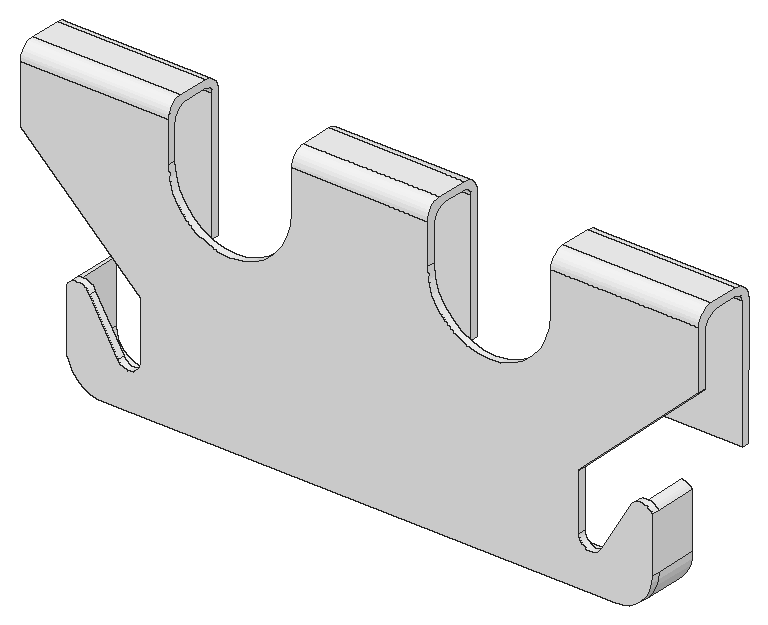
Revit family "wclip_15", category 機械設備, Revit 2022
Family settings
  丸型コネクタ寸法 = 直径を使用
  種別 = なし
  パーツ タイプ = 標準
  作業面ベース = いいえ
  常に垂直 = はい
  ロード時にボイドで切り取り = いいえ
  注釈の向きを維持 = いいえ
  共有 = いいえ
  部屋計算ポイント = いいえ
Parameters
  製造元 = "株式会社桐井製作所"
  既定の高さ = 0 mm
  URL = "https://www.kirii.co.jp/"
  K_品名 = "特殊15mmWクリップ"
  K_名称 = "特殊クリップ"
  K_入数 = "1000"
  K_バージョン情報 = "20211012"
Reference planes
  plane 1 "中心(正面/背面)": y = 0
  plane 2: z = 0
  plane 3 "中心(左/右)": x = 0
Forms (mm)
  Extrusion 1, solid
    sketch origin (0, 30, 0) x (0, 1, 0) y (0, 0, 1)
      loop
        line (-30, 0) -> (-29.4, -0.6) -> (-29.4, 21.75)
        arc (-29.4, 21.75) -> (-29.034, 22.634) -> (-28.15, 23) r 1.25
        line (-28.15, 23) -> (-26.25, 23)
        arc (-26.25, 23) -> (-25.79, 22.81) -> (-25.6, 22.35) r 0.65
        line (-25.6, 22.35) -> (-25.6, 11.15) -> (-25, 11.75) -> (-25, 22.35)
        arc (-25, 22.35) -> (-25.366, 23.234) -> (-26.25, 23.6) r 1.25
        line (-26.25, 23.6) -> (-28.75, 23.6)
        arc (-28.75, 23.6) -> (-29.634, 23.234) -> (-30, 22.35) r 1.25
        line (-30, 22.35) -> (-30, 0)
    from -27.5 to 27.5
  Extrusion 2, void
    sketch origin (0, 0, 0) x (1, 0, 0) y (0, 0, 1)
      loop
        line (17.75, 8.6) -> (17.75, 4)
        arc (17.75, 4) -> (18.491, 3.034) -> (19.616, 3.5) r 1
        line (19.616, 3.5) -> (21.902, 7.406)
        arc (21.902, 7.406) -> (22.798, 8.015) -> (23.75, 7.5) r 1.042
        line (23.75, 7.5) -> (23.75, 3)
        arc (23.75, 3) -> (22.871, 0.879) -> (20.75, 0) r 3
        line (20.75, 0) -> (27.5, 0) -> (27.5, 17.6) -> (17.75, 8.6)
      loop
        line (-17.75, 8.6) -> (-27.5, 17.6) -> (-27.5, 0) -> (-20.75, 0)
        arc (-20.75, 0) -> (-22.871, 0.879) -> (-23.75, 3) r 3
        line (-23.75, 3) -> (-23.75, 7.5)
        arc (-23.75, 7.5) -> (-22.798, 8.015) -> (-21.902, 7.406) r 1.042
        line (-21.902, 7.406) -> (-19.616, 3.5)
        arc (-19.616, 3.5) -> (-18.491, 3.034) -> (-17.75, 4) r 1
        line (-17.75, 4) -> (-17.75, 8.6)
    from -1.85 to 0.213
  Extrusion 3, void
    sketch origin (0, -0.6, -0.8) x (0, 1, 0) y (0, 0, 1)
      loop
        line (0.387, 0.8) -> (0.387, -0.064) -> (1.428, -0.064) -> (1.428, 0.8) -> (0.387, 0.8)
    from -27.5 to 27.5
  Extrusion 4, void
    sketch origin (-10.419, 0, -0.611) x (1, 0, 0) y (0, 0, 1)
      loop
        arc (-5.081, 19.711) -> (-0.081, 14.711) -> (4.919, 19.711) r 5
        line (4.919, 19.711) -> (4.919, 24.211) -> (-5.081, 24.211) -> (-5.081, 19.711)
    from -3.583 to 0.213
  Extrusion 5, void
    sketch origin (-10.5, 0, 0) x (1, 0, 0) y (0, 0, 1)
      loop
        line (-5, 23.6) -> (-5, 11.75) -> (5, 11.75) -> (5, 23.6) -> (-5, 23.6)
    from -3.583 to -5.28
  Extrusion 6, void
    sketch origin (10.581, 0, -0.767) x (1, 0, 0) y (0, 0, 1)
      loop
        arc (-5.081, 19.867) -> (-0.081, 14.867) -> (4.919, 19.867) r 5
        line (4.919, 19.867) -> (4.919, 24.367) -> (-5.081, 24.367) -> (-5.081, 19.867)
    from -3.583 to 0.213
  Extrusion 7, void
    sketch origin (0, -11.6, -7.987) x (0, 1, 0) y (0, 0, 1)
      loop
        line (15.7, 19.745) -> (15.7, 18.89) -> (16.88, 18.89) -> (16.88, 19.745) -> (15.7, 19.745)
    from -27.5 to 27.5
  Extrusion 8, void
    sketch origin (10.5, 0, 7.03) x (1, 0, 0) y (0, 0, 1)
      loop
        line (-5, 16.57) -> (-5, 4.729) -> (5, 4.729) -> (5, 16.57) -> (-5, 16.57)
    from -3.583 to -5.28
  Extrusion 9, solid
    sketch origin (0, 0, 0) x (1, 0, 0) y (0, 0, 1)
      loop
        arc (23.75, 7.5) -> (23.412, 7.852) -> (22.95, 8.012) r 1.042
        line (22.95, 8.012) -> (22.95, 3)
        arc (22.95, 3) -> (22.306, 1.444) -> (20.75, 0.8) r 2.2
        line (20.75, 0.8) -> (-20.75, 0.8)
        arc (-20.75, 0.8) -> (-22.306, 1.444) -> (-22.95, 3) r 2.2
        line (-22.95, 3) -> (-22.95, 8.012)
        arc (-22.95, 8.012) -> (-23.412, 7.852) -> (-23.75, 7.5) r 1.042
        line (-23.75, 7.5) -> (-23.75, 3)
        arc (-23.75, 3) -> (-22.871, 0.879) -> (-20.75, 0) r 3
        line (-20.75, 0) -> (20.75, 0)
        arc (20.75, 0) -> (22.871, 0.879) -> (23.75, 3) r 3
        line (23.75, 3) -> (23.75, 7.5)
    from -4 to -0.6
Cuts and joins
  Extrusion 2, Extrusion 3, Extrusion 4, Extrusion 5, Extrusion 6, Extrusion 7, Extrusion 8 cuts Extrusion 1
  joined: Extrusion 1, Extrusion 9
Dimensions and locks
  aligned and locked: level to plane 2
